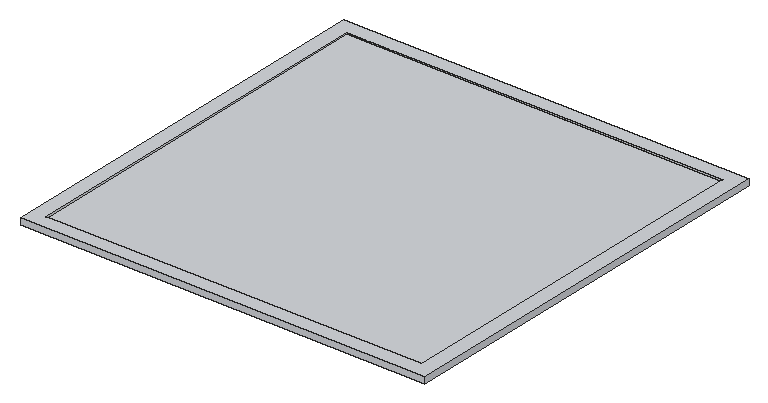
Revit family "595x595_START Panel Backlit UGR19", category Lighting Fixtures, host Face, Revit 2017
Family settings
  Host = Face
  Round Connector Dimension = Use Diameter
  Part Type = Normal
  OmniClass Number = 23.80.70.00
  OmniClass Title = Lighting
  Cut with Voids When Loaded = No
  Light Source = Yes
  Shared = No
  Room Calculation Point = No
Parameters (values of type "0042567 ST PANEL UGR19 600X600 4800LM 840 SSC")
  Weight = "kg"
  Wattage Comments = ""
  Wattage = 43 W
  WarrantyStartDate [instance] = "n/a"
  WarrantyGuarantorParts = "n/a"
  WarrantyDurationUnit = "n/a"
  WarrantyDurationParts = "n/a"
  WarrantyDescription = "n/a"
  WIDTH_SYL = 297.5 mm
  built-in parameter 1150110 = 1 (stored number, unit not read)
  Voltage = 0 V
  URL = "http://www.sylvania-lighting.com"
  TypeName = "START Panel UGR19 600x600 4800Lm 840 SSC"
  Type Image = <None>
  Type Comments = "n/a"
  built-in parameter 1114217 = 1 (stored number, unit not read)
  Tilt Angle = -90.00°
  built-in parameter 1150109 = 1 (stored number, unit not read)
  built-in parameter 1150134 = 12
  TOPWIDTH_SYL = 245 mm
  built-in parameter 1150113 = 1 (stored number, unit not read)
  SerialNumber [instance] = "n/a"
  Photometric Web File = "0042567.ies"
  Material_3_SYL = none
  PowerFactor = 0
  PowerConsumption = "43 W"
  NominalLength = 595 mm
  NominalHeight = 34 mm
  NominalDepth = 595 mm
  Name = "START Panel UGR19 600x600 4800Lm 840 SSC"
  ModelReference = Name  # "START Panel UGR19 600x600 4800Lm 840 SSC"
  ModelNumber = "0042567"
  Model = Name  # "START Panel UGR19 600x600 4800Lm 840 SSC"
  Material = "aluminium,steel housing, other diffuser"
  ManufacturerName = "Feilo Sylvania"
  Manufacturer = "Feilo Sylvania"
  MAINHEIGHT_SYL = 63 mm
  LuminousEfficacy = "112 lm/W"
  built-in parameter 1150105 = 383.25 (stored number, unit not read)
  Lumens = 4816 lm
  LuminaireType = ""
  built-in parameter 1150115 = 1 (stored number, unit not read)
  LightOutputRatio = "n/a"
  built-in parameter 1150137 = (empty or 0)
  built-in parameter 1150139 = (empty or 0)
  LampsType = Lamp  # "LED"
  LampNominalLuminous = "4800 lm"
  LampMacAdamStep = "3"
  LampColourTemperature = "4000 K"
  LampColourRenderingIndex = "80"
  built-in parameter 1150112 = 1 (stored number, unit not read)
  built-in parameter 1150114 = 1 (stored number, unit not read)
  Lamp = "LED"
  LUMWIDTH_SYL = 276.5 mm
  LUMDEPTH_SYL = 276.5 mm
  Keynote = "16500"
  InstallationDate [instance] = "n/a"
  InputVoltage = "n/a"
  InputNominalFrequency = "n/a"
  built-in parameter 1150132 = (empty or 0)
  built-in parameter 1150102 = (empty or 0)
  built-in parameter 1150107 = 4000 (stored number, unit not read)
  built-in parameter 1150138 = (empty or 0)
  IngressProtection = "IP40/20"
  ImpactProtectionIndex = "IK03"
  built-in parameter 1150106 = 3.8325 (stored number, unit not read)
  IfcExportType = "IfcLightFixtureType"
  IfcExportAs = "IfcLightFixtureType"
  HEIGHT_SYL = 33 mm
  HEIGHTBOTT_SYL = 7 mm
  Emit from Circle Diameter = 609.6 mm
  Emit Shape Visible in Rendering = no
  ElectricShockClassification = "Class II"
  built-in parameter 1150104 = 10.405 (stored number, unit not read)
  DocumentationLiterature = "http://www.sylvania-lighting.com/product/en-int/products/0042567"
  DimmingControlOptions = "n/a"
  Material_2_SYL = none
  Dimming Lamp Color Temperature Shift = <None>
  Description = "START Panel is a range of backlit LED panels used in recessed ceilings. Ideal for general indoor appliactions such as corridors, breakrooms, offices and meeting rooms. Luminaire dimensions are compatible with common ceiling installation, and the shallow design makes it easy to install in low ceilings. 4800Lm; 43W; 112Lm/W; Drive current: 950mA; Average life: 50000Hrs; 4000K; CRI 80; Glare control <19; IK03; IP40 (from the front); SDCM<3; Class II; Loop in loop out connector for quick installation. SylSmart Standalone (SSC) enabled."
  Default Elevation = 1219.2 mm
  DEPTH_SYL = 297.5 mm
  CreatedOn = "11/2/2020"
  CreatedBy = "@sylvania-lighting.com"
  Cost = 0
  Color Filter = 16777215
  built-in parameter 1114216 [instance] = (empty or 0)
  ClassificationValue = "EF_70_80"
  ClassificationName = "Uniclass2015"
  Material_1_SYL = none
  BarCode [instance] = "n/a"
  built-in parameter 1114218 = 1 (stored number, unit not read)
  BOX_WIDTH_SYL = 40 mm
  built-in parameter 1150133 = 10 (stored number, unit not read)
  AssetType = "Fixed"
  AssetIdentifier [instance] = "n/a"
  Assembly Code = "D5020200"
  Apparent Load = 43 VA
  Material_4_SYL = none
  -LUMDEPTH_SYL = LUMDEPTH_SYL * (-1)  # -276.5 mm
Types (6, lengths in mm): name | Wattage | TypeName | built-in parameter 1150134 | Photometric Web File | PowerConsumption | NominalHeight | Name | ModelReference | ModelNumber | Model | LuminousEfficacy | built-in parameter 1150105 | Lumens | LampNominalLuminous | LampMacAdamStep | LampColourTemperature | built-in parameter 1150107 | built-in parameter 1150106 | built-in parameter 1150104 | DocumentationLiterature | Description | Apparent Load
  0042567 ST PANEL UGR19 600X600 4800LM 840 SSC | 43 W | "START Panel UGR19 600x600 4800Lm 840 SSC" | 12 | "0042567.ies" | "43 W" | 34 | "START Panel UGR19 600x600 4800Lm 840 SSC" | "START Panel UGR19 600x600 4800Lm 840 SSC" | "0042567" | "START Panel UGR19 600x600 4800Lm 840 SSC" | "112 lm/W" | 383.25 (stored number, unit not read) | 4816 lm | "4800 lm" | "3" | "4000 K" | 4000 (stored number, unit not read) | 3.8325 (stored number, unit not read) | 10.405 (stored number, unit not read) | "http://www.sylvania-lighting.com/product/en-int/products/0042567" | "START Panel is a range of backlit LED panels used in recessed ceilings. Ideal for general indoor appliactions such as corridors, breakrooms, offices and meeting rooms. Luminaire dimensions are compatible with common ceiling installation, and the shallow design makes it easy to install in low ceilings. 4800Lm; 43W; 112Lm/W; Drive current: 950mA; Average life: 50000Hrs; 4000K; CRI 80; Glare control <19; IK03; IP40 (from the front); SDCM<3; Class II; Loop in loop out connector for quick installation. SylSmart Standalone (SSC) enabled." | 43 VA
  0042566 ST PANEL UGR19 600X600 4600LM 830 SSC | 43 W | "START Panel UGR19 600x600 4600Lm 830 SSC" | (empty or 0) | "0042566.ies" | "43 W" | 34 | "START Panel UGR19 600x600 4600Lm 830 SSC" | "START Panel UGR19 600x600 4600Lm 830 SSC" | "0042566" | "START Panel UGR19 600x600 4600Lm 830 SSC" | "107 lm/W" | 366.14 (stored number, unit not read) | 4601 lm | "4600 lm" | "3" | "3000 K" | 3000 (stored number, unit not read) | 3.6614 (stored number, unit not read) | 9.9406 (stored number, unit not read) | "http://www.sylvania-lighting.com/product/en-int/products/0042566" | "START Panel is a range of backlit LED panels used in recessed ceilings. Ideal for general indoor appliactions such as corridors, breakrooms, offices and meeting rooms. Luminaire dimensions are compatible with common ceiling installation, and the shallow design makes it easy to install in low ceilings. 4600Lm; 43W; 107Lm/W; Drive current: 950mA; Average life: 50000Hrs; 3000K; CRI 80; Glare control <19; IK03; IP40 (from the front); SDCM<3; Class II; Loop in loop out connector for quick installation. SylSmart Standalone (SSC) enabled." | 43 VA
  0042508 START PANEL UGR19 600X600 4000LM 865 SSC | 36 W | "START Panel UGR19 600x600 4000Lm 865 SSC" | 1 | "0042508.ies" | "36 W" | 35 | "START Panel UGR19 600x600 4000Lm 865 SSC" | "START Panel UGR19 600x600 4000Lm 865 SSC" | "0042508" | "START Panel UGR19 600x600 4000Lm 865 SSC" | "111 lm/W" | 317.99 (stored number, unit not read) | 3996 lm | "4000 lm" | "6" | "6500 K" | 6500 (stored number, unit not read) | 3.1799 (stored number, unit not read) | 10.312 (stored number, unit not read) | "http://www.sylvania-lighting.com/product/en-int/products/0042508" | "START Panel is a range of backlit LED panels used in recessed ceilings. Ideal for general indoor appliactions such as corridors, breakrooms, offices and meeting rooms. Luminaire dimensions are compatible with common ceiling installation, and the shallow design makes it easy to install in low ceilings. 4000Lm; 36W; 111Lm/W; Drive current: 750mA; Average life: 50000Hrs; 6500K; CRI 80; Glare control <19; IK03; IP40 (from the front); Class II; Loop in loop out connector for quick installation. SylSmart Standalone (SSC) enabled." | 36 VA
  0042507 START PANEL UGR19 600X600 4000LM 840 SSC | 36 W | "START Panel UGR19 600x600 4000Lm 840 SSC" | 12 | "0042507.ies" | "36 W" | 35 | "START Panel UGR19 600x600 4000Lm 840 SSC" | "START Panel UGR19 600x600 4000Lm 840 SSC" | "0042507" | "START Panel UGR19 600x600 4000Lm 840 SSC" | "111 lm/W" | 317.99 (stored number, unit not read) | 3996 lm | "4000 lm" | "3" | "4000 K" | 4000 (stored number, unit not read) | 3.1799 (stored number, unit not read) | 10.312 (stored number, unit not read) | "http://www.sylvania-lighting.com/product/en-int/products/0042507" | "START Panel is a range of backlit LED panels used in recessed ceilings. Ideal for general indoor appliactions such as corridors, breakrooms, offices and meeting rooms. Luminaire dimensions are compatible with common ceiling installation, and the shallow design makes it easy to install in low ceilings. 4000Lm; 36W; 111Lm/W; Drive current: 750mA; Average life: 50000Hrs; 4000K; CRI 80; Glare control <19; IK03; IP40 (from the front); SDCM<3; Class II; Loop in loop out connector for quick installation. SylSmart Standalone (SSC) enabled." | 36 VA
  0042506 START PANEL UGR19 600X600 3800LM 830 SSC | 36 W | "START Panel UGR19 600x600 3800Lm 830 SSC" | (empty or 0) | "0042506.ies" | "36 W" | 35 | "START Panel UGR19 600x600 3800Lm 830 SSC" | "START Panel UGR19 600x600 3800Lm 830 SSC" | "0042506" | "START Panel UGR19 600x600 3800Lm 830 SSC" | "106 lm/W" | 303.67 (stored number, unit not read) | 3816 lm | "3800 lm" | "3" | "3000 K" | 3000 (stored number, unit not read) | 3.0367 (stored number, unit not read) | 9.8477 (stored number, unit not read) | "http://www.sylvania-lighting.com/product/en-int/products/0042506" | "START Panel is a range of backlit LED panels used in recessed ceilings. Ideal for general indoor appliactions such as corridors, breakrooms, offices and meeting rooms. Luminaire dimensions are compatible with common ceiling installation, and the shallow design makes it easy to install in low ceilings. 3800Lm; 36W; 106Lm/W; Drive current: 750mA; Average life: 50000Hrs; 3000K; CRI 80; Glare control <19; IK03; IP40 (from the front); SDCM<3; Class II; Loop in loop out connector for quick installation. SylSmart Standalone (SSC) enabled." | 36 VA
  0042568 ST PANEL UGR19 600X600 4800LM 865 SSC | 43 W | "START Panel UGR19 600x600 4800Lm 865 SSC" | 1 | "0042568.ies" | "43 W" | 34 | "START Panel UGR19 600x600 4800Lm 865 SSC" | "START Panel UGR19 600x600 4800Lm 865 SSC" | "0042568" | "START Panel UGR19 600x600 4800Lm 865 SSC" | "112 lm/W" | 383.25 (stored number, unit not read) | 4816 lm | "4800 lm" | "6" | "6500 K" | 6500 (stored number, unit not read) | 3.8325 (stored number, unit not read) | 10.405 (stored number, unit not read) | "http://www.sylvania-lighting.com/product/en-int/products/0042568" | "START Panel is a range of backlit LED panels used in recessed ceilings. Ideal for general indoor appliactions such as corridors, breakrooms, offices and meeting rooms. Luminaire dimensions are compatible with common ceiling installation, and the shallow design makes it easy to install in low ceilings. 4800Lm; 43W; 112Lm/W; Drive current: 950mA; Average life: 50000Hrs; 6500K; CRI 80; Glare control <19; IK03; IP40 (from the front); Class II; Loop in loop out connector for quick installation. SylSmart Standalone (SSC) enabled." | 43 VA
Reference planes
  plane 1 "Center (Front/Back)": y = 0
  plane 2: z = 0
  plane 3 "Center (Left/Right)": x = 0
  plane 4: x = -297.5
  plane 5: x = 297.5
  plane 6: y = 297.5
  plane 7: y = -297.5
  plane 8: x = 276.5
  plane 9: x = -276.5
  plane 10: y = 276.5
  plane 11: y = -276.5
  plane 12: z = -33
  plane 13: z = -7
  plane 14: x = -245
  plane 15: x = 245
  plane 16: y = -245
  plane 17: y = 245
  plane 18: y = 276.5
  plane 19: y = -276.5
  plane 20: z = -63
  plane 21: x = -40
  plane 22: x = 40
Forms (mm)
  Extrusion 1, solid
    sketch origin (0, 0, 0) x (1, 0, 0) y (0, 1, 0)
      loop
        line (-297.5, 297.5) -> (-297.5, -297.5) -> (297.5, -297.5) -> (297.5, 297.5) -> (-297.5, 297.5)
    from -7 to 2
  Extrusion 2, void
    sketch origin (0, 0, 0) x (1, 0, 0) y (0, 1, 0)
      loop
        line (-276.5, 276.5) -> (-276.5, -276.5) -> (276.5, -276.5) -> (276.5, 276.5) -> (-276.5, 276.5)
    from 0 to 10
  Extrusion 3, solid
    sketch origin (0, 0, 0) x (1, 0, 0) y (0, 0, 1)
      loop
        line (-276.5, -7) -> (-245, -33) -> (245, -33) -> (276.5, -7) -> (-276.5, -7)
    from -276.5 <- "-LUMDEPTH_SYL" to 276.5 <- "LUMDEPTH_SYL"
  Extrusion 4, void
    sketch origin (319, 1524, 1219.2) x (0, 1, 0) y (0, 0, 1)
      loop
        line (-1279, -1252.2) -> (-1247.5, -1252.2) -> (-1247.5, -1226.2) -> (-1279, -1252.2)
      loop
        line (-1800.5, -1226.2) -> (-1800.5, -1252.2) -> (-1769, -1252.2) -> (-1800.5, -1226.2)
    from -1000 to 1000
Cuts and joins
  Extrusion 2 cuts Extrusion 1
  Extrusion 4 cuts Extrusion 3
Dimensions and locks
  "WIDTH_SYL": plane 4 to plane 3 "Center (Left/Right)" to plane 5
  "DEPTH_SYL": plane 7 to plane 1 "Center (Front/Back)" to plane 6
  "LUMWIDTH_SYL": plane 9 to plane 3 "Center (Left/Right)" to plane 8
  "LUMDEPTH_SYL": plane 11 to plane 1 "Center (Front/Back)" to plane 10
  "HEIGHT_SYL": host face to plane 12
  "HEIGHTBOTT_SYL": host face to plane 13
  "TOPWIDTH_SYL": plane 14 to imposter light to plane 15
  "TOPWIDTH_SYL": plane 17 to imposter light to plane 16
  "LUMWIDTH_SYL": plane 18 to imposter light to plane 19
  "MAINHEIGHT_SYL": host face to plane 20
  "BOX_WIDTH_SYL": plane 21 to imposter light to plane 22
  aligned and locked: plane 2 to host face
  aligned and locked: level to host face
  aligned and locked: plane 6 to Extrusion 1 sketch curve
  aligned and locked: plane 4 to Extrusion 1 sketch curve
  aligned and locked: Extrusion 1 sketch curve to plane 7
  aligned and locked: Extrusion 1 sketch curve to plane 5
  aligned and locked: plane 10 to Extrusion 2 sketch curve
  aligned and locked: Extrusion 2 sketch curve to plane 9
  aligned and locked: Extrusion 2 sketch curve to plane 11
  aligned and locked: plane 8 to Extrusion 2 sketch curve
Automatic sketch dimensions
  host sketch curve to host sketch curve = 2438.4 mm  (x2)
  plane 9 to Extrusion 3 sketch curve = 0 mm
  Extrusion 3 sketch curve to plane 12 = 0 mm
  plane 14 to Extrusion 3 sketch curve = 0 mm
  plane 15 to Extrusion 3 sketch curve = 0 mm
  plane 8 to Extrusion 3 sketch curve = 0 mm
  Extrusion 3 sketch curve to plane 13 = 0 mm
  Extrusion 4 sketch curve to plane 11 = 0 mm
  plane 12 to Extrusion 4 sketch curve = 0 mm  (x2)
  Extrusion 4 sketch curve to plane 16 = 0 mm
  Extrusion 4 sketch curve to plane 17 = 0 mm
  Extrusion 4 sketch curve to plane 10 = 0 mm
  plane 13 to Extrusion 4 sketch curve = 0 mm  (x2)
